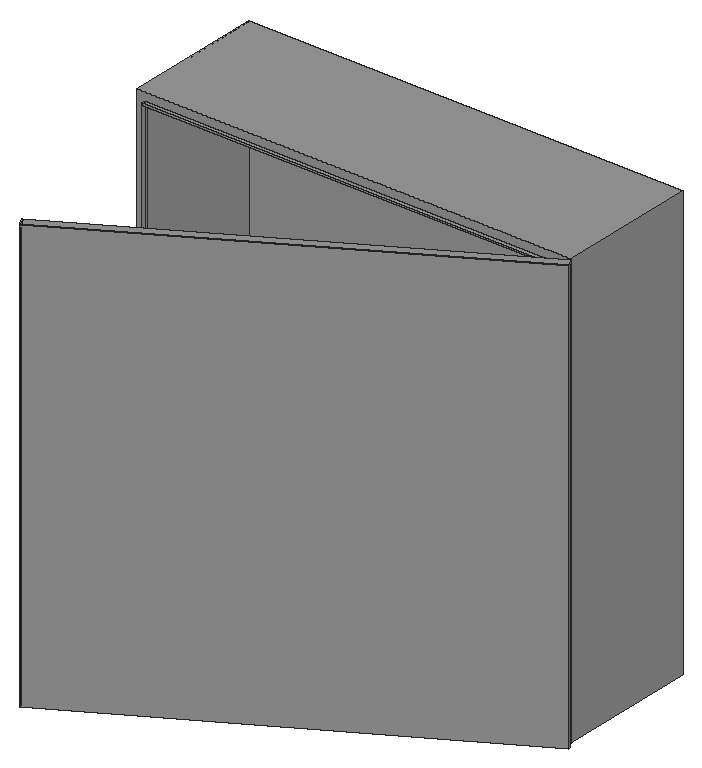
Revit family "Hager-Univers-IP55-D275-H800-Cl.II-Steel_encl-NoHosted-CH-en", category Equipement électrique, Revit 2020
Family settings
  Configuration du panneau = Deux colonnes, circuits au sein
  Cote de connecteur circulaire = Utiliser le diamètre
  Type d'élément = Tableau de raccordement
  Basée sur le plan de construction = Oui
  Toujours verticalement = Oui
  Couper avec des vides une fois chargée = Non
  Partagée = Non
  Point de calcul de pièce = Non
Parameters (values of type "Surface mounted (plaster) IP55 W800 H800 D275  - FR53S")
  Width Control [instance] = if([EF000008 - Width] > Min Width, [EF000008 - Width], Min Width)  # 800 mm
  Commentaires du type = [HG000003 - Range]  # "Univers"
  Thickness Door [instance] = if([EF009171 - Material plate thickness door/cover] > 3 mm, 3 mm, [EF009171 - Material plate thickness door/cover])  # 1.5 mm
  Seal Frame Offset [instance] = 17 mm  # constant formula
  Plinth Visibility [instance] = [HG000027 - Plinth height] > 0 mm  # no
  Min Width [instance] = 100 mm  # constant formula
  Min Depth [instance] = (2 * [EF009170 - Material plate thickness cabinet]) + 1 mm  # 4 mm
  Min Height [instance] = 100 mm  # constant formula
  Internal Frame Depth [instance] = (Door System Depth * 0.5)  # 9 mm
  Panel Name [instance] = ""  # (empty or 0)
  Model = ""
  HG000027 - Plinth height = 0 mm
  HG000026 - Floor standing = no
  HG000024 - Bottom section height = 600 mm
  HG000023 - Double section enclosure = no
  HG000016 - Door 3d visibility [instance] = yes
  HG000015 - Clearance visibility [instance] = no
  HG000014 - Door on the right [instance] = yes
  HG000013 - Door on the left [instance] = not([HG000014 - Door on the right])  # no
  HG000012 - Door swing angle [instance] = 30.00°
  HG000010 - Asymmetric doors = no
  HG000009 - Double swing door = no
  HG000006 - Flush mounted = no
  HG000004 - Manufacturer reference = "FR53S"
  HG000003 - Range = "Univers"
  HG000002 - With door or cover = yes
  Frame Offset Bottom [instance] = 10 mm  # constant formula
  Frame Offset [instance] = 15 mm  # constant formula
  EF015940 - Cover with overpressure release = no
  EF011959 - Degree of protection (NEMA) = ""
  EF009554 - Number of openings for flange plates = 6
  EF009212 - Cover model = "EV000116 - Closed"
  EF009171 - Material plate thickness door/cover = 1.5 mm
  EF009170 - Material plate thickness cabinet = 1.5 mm
  EF008873 - Nominal current (In) = 800 A
  EF007800 - Suitable for lightning protection = no
  EF006306 - With lock = no
  EF006244 - Transparent cover/door = no
  EF005474 - Degree of protection (IP) = "EV006420 - IP55"
  EF004464 - Type of door = "EV002646 - Single"
  EF004427 - Number of modules = 180
  EF004293 - Impact strength = "EV008784 - IK10"
  EF003532 - Suitable for outdoor use = no
  EF002950 - Width in number of modular spacings = 24
  EF001613 - Circuit integrity = "EV000494 - None"
  EF001596 - Material housing = "EV000179 - Steel"
  EF001131 - Internal depth = 275 mm
  EF001088 - Extension possible = yes
  EF000437 - Number of conduit inlets = 6
  EF000339 - Type of cover = "EV004216 - Door"
  EF000266 - Number of rows = 5
  EF000218 - Built-in depth = 0 mm
  EF000118 - With mounting plate = no
  EF000116 - RAL-number = "7035"
  EF000049 - Depth = 275 mm
  EF000040 - Height = 800 mm
  EF000008 - Width = 800 mm
  EF000007 - Colour = "EV000270 - Grey"
  EF000003 - Mounting method = "EV000384 - Surface mounted (plaster)"
  Door System Leaf Tolerance [instance] = 1.5 mm  # constant formula
  Door System Depth [instance] = 18 mm  # constant formula
  Door Height [instance] = Height Control - [HG000027 - Plinth height]  # 800 mm
  Description = ""
  Default Elevation = 1219.2 mm
  Connector Offset [instance] = Height Control / 2  # 400 mm
  Fabricant = "Hager"  # constant formula
  Height Control [instance] = if([EF000040 - Height] > Min Height, [EF000040 - Height], Min Height)  # 800 mm
  Depth Control [instance] = if([EF000049 - Depth] > Min Depth, [EF000049 - Depth], Min Depth)  # 275 mm
  Bottom Top Plate Trim [instance] = 1.5 mm  # constant formula
  Plinth height Ctrl [instance] = if([HG000027 - Plinth height] > 0 mm, [HG000027 - Plinth height], 12 mm)  # 12 mm
Types (5, lengths in mm): name | Width Control | HG000010 - Asymmetric doors | HG000009 - Double swing door | HG000004 - Manufacturer reference | EF009554 - Number of openings for flange plates | EF004464 - Type of door | EF004427 - Number of modules | EF000437 - Number of conduit inlets | EF000008 - Width
  Surface mounted (plaster) IP55 W1050 H800 D275  - FR54S | 1050 | no | yes | "FR54S" | 8 | "EV003602 - Double" | 240 | 8 | 1050
  Surface mounted (plaster) IP55 W1300 H800 D275  - FR55S | 1300 | yes | yes | "FR55S" | 10 | "EV003602 - Double" | 300 | 10 | 1300
  Surface mounted (plaster) IP55 W300 H800 D275  - FR51S | 300 | no | no | "FR51S" | 2 | "EV002646 - Single" | 60 | 2 | 300
  Surface mounted (plaster) IP55 W550 H800 D275  - FR52S | 550 | no | no | "FR52S" | 4 | "EV002646 - Single" | 120 | 4 | 550
  Surface mounted (plaster) IP55 W800 H800 D275  - FR53S | 800 | no | no | "FR53S" | 6 | "EV002646 - Single" | 180 | 6 | 800
Reference planes
  plane 1 "Center (Front/Back)": y = 0
  plane 2: z = 0
  plane 3 "Center (Left/Right)": x = 0
  plane 4: y = 0
  plane 5: y = 0
  plane 6: z = 0
  plane 7: x = -400
  plane 8: x = 400
  plane 9: x = 398.5
  plane 10: x = -398.5
  plane 11: z = 0
  plane 12: z = 1.5
  plane 13: y = -275
  plane 14: y = -1.5
  plane 15: x = 0
  plane 16: y = -257
  plane 17: y = -273.5
  plane 18: y = -255.5
  plane 19: x = -383.5
  plane 20: x = 383.5
  plane 21: z = 11.5
  plane 22: x = -383
  plane 23: x = 383
  plane 24: z = 0
  plane 25: z = 800
  plane 26: z = 800
  plane 27: z = 783.5
  plane 28: z = 798.5
Forms (mm)
  Extrusion 1, solid, material "Hager_Steel_RAL7035_Light_Grey", detail levels medium+fine
    sketch origin (-208.679, -4572, 0) x (-1, 0, 0) y (0, -1, 0)
      loop
        line (191.321, -4315) -> (-608.679, -4315) -> (-608.679, -4572) -> (191.321, -4572) -> (191.321, -4315)
    from 0 to 800
  Extrusion 2, void
    sketch origin (-350.771, -275, 1219.2) x (1, 0, 0) y (0, 0, 1)
      loop
        line (-47.729, -420.7) -> (-47.729, -1217.7) -> (749.271, -1217.7) -> (749.271, -420.7) -> (-47.729, -420.7)
    from -19.5 to -273.5
  Extrusion 3, void
    sketch origin (-290.084, -257, 1219.2) x (1, 0, 0) y (0, 0, 1)
      loop
        line (-93.416, -1207.7) -> (673.584, -1207.7) -> (673.584, -435.7) -> (-93.416, -435.7) -> (-93.416, -1207.7)
    from 0 to -1.5
  Extrusion 4, solid, material "Hager_Steel_RAL7035_Light_Grey", visible <- "Plinth Visibility", detail levels medium+fine
    sketch origin (0, 0, 0) x (1, 0, 0) y (0, 1, 0)
      loop
        line (-400, 0) -> (-400, -257) -> (400, -257) -> (400, 0) -> (-400, 0)
    from 0 to 12 <- "Plinth height Ctrl"
  Extrusion 5, solid, material "Hager_Steel_RAL7035_Light_Grey", detail levels coarse
    sketch origin (0, 0, 0) x (1, 0, 0) y (0, 1, 0)
      loop
        line (-400, 0) -> (-400, -275) -> (400, -275) -> (400, 0) -> (-400, 0)
    from 0 to 800 <- "Height Control"
  Sweep 6, void
    path in 3D
      loop
        line (-400, -257, 12) -> (400, -257, 12) -> (400, 0, 12) -> (-400, 0, 12) -> (-400, -257, 12)
    profile origin (-400, -128.5, 12) x (1, 0, 0) y (0, 0, 1)
      loop
        line (0, 0) -> (0, -1.5) -> (1.5, -1.5)
        arc (1.5, -1.5) -> (1.061, -0.439) -> (0, 0) r 1.5
  Extrusion 7, solid, material "Hager_Steel_RAL7035_Light_Grey", detail levels fine
    sketch origin (-400, -257, 0) x (1, 0, 0) y (0, 0, 1)
      loop
        line (16.5, 11.5) -> (783.5, 11.5) -> (783.5, 783.5) -> (16.5, 783.5) -> (16.5, 11.5)
      loop
        line (15, 10) -> (785, 10) -> (785, 785) -> (15, 785) -> (15, 10)
    from 0 to 9 <- "Internal Frame Depth"
Cuts and joins
  Extrusion 2, Extrusion 3 cuts Extrusion 1
  Sweep 6 cuts Extrusion 4
Lines and regions (mm)
  Masking region 1
    outline origin (0, 0, 0) x (1, 0, 0) y (0, 1, 0)
      loop
        line (-400, 0) -> (-400, -275) -> (400, -275) -> (400, 0) -> (-400, 0)
  Masking region 2, detail levels coarse
    outline origin (-290.084, -257, 1219.2) x (-1, 0, 0) y (0, 0, 1)
      loop
        line (-690.084, -1219.2) -> (109.916, -1219.2) -> (109.916, -419.2) -> (-690.084, -419.2) -> (-690.084, -1219.2)
  Masking region 3, detail levels coarse
    outline origin (0, 0, 0) x (0, 1, 0) y (0, 0, 1)
      loop
        line (0, 0) -> (0, 800) -> (-275, 800) -> (-275, 0) -> (0, 0)
  Masking region 4, visible <- "Plinth Visibility", detail levels medium+fine
    outline origin (0, 0, 0) x (0, 1, 0) y (0, 0, 1)
      loop
        line (-1.5, 12) -> (-255.5, 12)
        arc (-255.5, 12) -> (-255.939, 10.939) -> (-257, 10.5) r 1.5
        line (-257, 10.5) -> (-257, 0) -> (0, 0) -> (0, 10.5)
        arc (0, 10.5) -> (-1.061, 10.939) -> (-1.5, 12) r 1.5
  Masking region 5, detail levels medium+fine
    outline origin (0, 0, 594.038) x (0, 1, 0) y (0, 0, 1)
      loop
        line (0, -594.038) -> (0, 205.962) -> (-257, 205.962) -> (-257, -594.038) -> (0, -594.038)
  Masking region 6, detail levels medium+fine
    outline origin (-359.7, -257, 1211.883) x (-1, 0, 0) y (0, 0, 1)
      loop
        line (-759.7, -1211.883) -> (40.3, -1211.883) -> (40.3, -411.883) -> (-759.7, -411.883) -> (-759.7, -1211.883)
  Masking region 7, visible <- "Plinth Visibility", detail levels medium+fine
    outline origin (-320.334, -257, 1041.368) x (-1, 0, 0) y (0, 0, 1)
      loop
        line (-720.334, -1041.368) -> (79.666, -1041.368) -> (79.666, -1030.868)
        arc (79.666, -1030.868) -> (78.606, -1030.429) -> (78.166, -1029.368) r 1.5
        line (78.166, -1029.368) -> (-718.834, -1029.368)
        arc (-718.834, -1029.368) -> (-719.273, -1030.429) -> (-720.334, -1030.868) r 1.5
        line (-720.334, -1030.868) -> (-720.334, -1041.368)
  sketch lines
    curve 1: line (-400, 0, 12) -> (-400, -257, 12)
    curve 2: line (-400, -257, 12) -> (400, -257, 12)
    curve 3: line (400, 0, 12) -> (-400, 0, 12)
    curve 4: line (400, -257, 12) -> (400, 0, 12)
Dimensions and locks
  locked: plane 1 "Center (Front/Back)" to plane 5
  "EF009170 - Material plate thickness cabinet": plane 7 to plane 10
  "EF009170 - Material plate thickness cabinet": plane 8 to plane 9
  equal spacing: plane 7, plane 3 "Center (Left/Right)", plane 8
  "Width Control": plane 7 to plane 8
  "Depth Control": plane 4 to plane 13
  "EF009170 - Material plate thickness cabinet": plane 4 to plane 14
  "Height Control": plane 25 to level
  "HG000027 - Plinth height": plane 11 to level
  "EF009170 - Material plate thickness cabinet": plane 12 to plane 11
  "EF009170 - Material plate thickness cabinet": plane 17 to plane 13
  "EF009170 - Material plate thickness cabinet": plane 18 to plane 16
  "Frame Offset Bottom": plane 21 to plane 12
  "Frame Offset": plane 10 to plane 19
  "Frame Offset": plane 9 to plane 20
  "Door System Depth": plane 16 to plane 13
  "Seal Frame Offset": plane 7 to plane 22
  "Seal Frame Offset": plane 8 to plane 23
  "EF009170 - Material plate thickness cabinet": plane 26 to plane 28
  "Frame Offset": plane 28 to plane 27
  "Connector Offset": plane 2 to connector elem
  "Bottom Top Plate Trim": profile plane to Sweep 6 sketch curve
  "Bottom Top Plate Trim": Sweep 6 sketch curve to Sweep 6 sketch curve
  "Plinth height Ctrl": Masking region 4 sketch curve to level
  "Plinth height Ctrl": Masking region 7 sketch curve to level
  "Thickness Door": Extrusion 7 sketch curve to Extrusion 7 sketch curve  (x4)
  "Bottom Top Plate Trim": radius of Sweep 6 sketch curve
  "Bottom Top Plate Trim": radius of Masking region 4 sketch curve  (x2)
  "Bottom Top Plate Trim": radius of Masking region 7 sketch curve  (x2)
  aligned and locked: Extrusion 2 sketch curve to plane 12
  aligned and locked: Extrusion 2 sketch curve to plane 9
  aligned and locked: Extrusion 2 sketch curve to plane 10
  aligned and locked: Extrusion 2 to plane 14
  aligned and locked: Extrusion 1 sketch curve to plane 4
  aligned and locked: plane 8 to Extrusion 1 sketch curve
  aligned and locked: plane 7 to Extrusion 1 sketch curve
  aligned and locked: Extrusion 2 to plane 18
  aligned and locked: Extrusion 3 sketch curve to plane 19
  aligned and locked: plane 20 to Extrusion 3 sketch curve
  aligned and locked: Extrusion 3 to Extrusion 2
  aligned and locked: Extrusion 3 sketch curve to plane 21
  aligned and locked: plane 3 "Center (Left/Right)" to nested 1
  aligned and locked: Extrusion 1 sketch curve to plane 16
  aligned and locked: Extrusion 4 sketch curve to cut or joined group of Extrusion 1, Extrusion 2, Extrusion 3
  aligned and locked: Masking region 1 sketch curve to plane 7
  aligned and locked: Masking region 1 sketch curve to plane 5
  aligned and locked: Masking region 1 sketch curve to plane 8
  aligned and locked: Masking region 2 sketch curve to level
  aligned and locked: level to Masking region 3 sketch curve
  aligned and locked: plane 1 "Center (Front/Back)" to Masking region 3 sketch curve
  aligned and locked: plane 13 to Masking region 3 sketch curve
  aligned and locked: plane 5 to Masking region 4 sketch curve
  aligned and locked: Masking region 2 sketch curve to plane 8
  aligned and locked: Masking region 2 sketch curve to plane 7
  aligned and locked: plane 7 to nested 2
  aligned and locked: nested 2 to plane 5
  aligned and locked: plane 5 to Masking region 5 sketch curve
  aligned and locked: plane 26 to Masking region 5 sketch curve
  aligned and locked: Extrusion 5 sketch curve to plane 8
  aligned and locked: Extrusion 5 sketch curve to plane 7
  aligned and locked: Extrusion 5 sketch curve to plane 5
  aligned and locked: Extrusion 3 sketch curve to plane 27
  aligned and locked: Extrusion 2 sketch curve to plane 28
  aligned and locked: Masking region 2 to plane 25
  aligned and locked: Extrusion 4 to plane 16
  aligned and locked: profile plane to Sweep 6 sketch curve
  aligned and locked: Masking region 5 sketch curve to plane 24
  aligned and locked: level to Masking region 4 sketch curve
  aligned and locked: Masking region 1 to plane 13
  aligned and locked: nested 1 to plane 16
  aligned and locked: Masking region 3 to plane 25
  aligned and locked: plane 16 to Masking region 4 sketch curve
  aligned and locked: Masking region 5 sketch curve to plane 16
  aligned and locked: plane 24 to plane 11
  aligned and locked: plane 26 to plane 25
  aligned and locked: plane 26 to cut or joined group of Extrusion 1, Extrusion 2, Extrusion 3
  aligned and locked: nested 1 to plane 24
  aligned and locked: Extrusion 1 to Extrusion 3
  aligned and locked: Masking region 6 sketch curve to plane 8
  aligned and locked: Masking region 6 sketch curve to plane 24
  aligned and locked: Masking region 6 sketch curve to plane 7
  aligned and locked: Masking region 6 sketch curve to plane 26
  aligned and locked: Masking region 7 sketch curve to plane 7
  aligned and locked: level to Masking region 7 sketch curve
  aligned and locked: Masking region 7 sketch curve to plane 8
  aligned and locked: Extrusion 7 sketch curve to cut or joined group of Extrusion 1, Extrusion 2, Extrusion 3  (x4)
Automatic sketch dimensions
  plane 19 to Extrusion 3 sketch curve = 0 mm
  Extrusion 3 sketch curve to plane 20 = 0 mm
  Extrusion 3 sketch curve to plane 21 = 0 mm
  Extrusion 4 sketch curve to plane 7 = 0 mm
  Extrusion 4 sketch curve to plane 8 = 0 mm
  Extrusion 4 sketch curve to plane 16 = 0 mm
  Masking region 1 sketch curve to plane 13 = 0 mm
  Masking region 2 sketch curve to plane 25 = 0 mm
  Masking region 3 sketch curve to plane 25 = 0 mm
  Extrusion 5 sketch curve to plane 13 = 0 mm
  profile plane to Sweep 6 sketch curve = 0 mm
Nested families
  nested 1: "EC000058_Univers_Door" at (0, -257, 0), Double <- "HG000009 - Double swing door", Transparent <- "EF006244 - Transparent cover/door", Angle <- "HG000012 - Door swing angle", Door_Right <- "HG000014 - Door on the right", Assymetrical <- "HG000010 - Asymmetric doors", Door <- "HG000002 - With door or cover", Width_Ctrl <- "Width Control", 3d_Door <- "HG000016 - Door 3d visibility", Clearance <- "HG000015 - Clearance visibility", Door_Left <- "HG000013 - Door on the left", Width <- "Width Control", Door_Depth <- "Door System Depth", Leaf_Tolerance <- "Door System Leaf Tolerance", Height <- "Door Height", Lock_Visibility <- "EF006306 - With lock", Thickness <- "Thickness Door", type "EC000058_Univers_Door", detail levels medium+fine
    with min_wh 4 mm, Width_Ctrl 800 mm, Width 800 mm, Transparent no, Thickness 1.5 mm, Seal_Material Hager_Rubber, Lock_Visibility no, Lock_Material Hager_Plastic_RAL9005_Jet_Black, Leaf_Width 800 mm, Leaf_Tolerance_External_Sides 0 mm, Leaf_Tolerance 1.5 mm, Leaf_Offset 0 mm, Leaf_Height 797 mm, Leaf_2_Width 800 mm, Leaf_2_Offset 400 mm, Leaf_1_Width 800 mm, Leaf_1_Offset 400 mm, Height_Ctrl 800 mm, Height 800 mm, Glass_Material Hager_Glass, Double_Clearance_Ctrl no, Double no, Door_Right_Ctrl yes, Door_Right yes, Door_Material Hager_Steel_RAL7035_Light_Grey, Door_Left_Ctrl no, Door_Left no, Door_Depth 18 mm, Door yes, Clearance_Material Hager_Clearance, Clearance_Depth 800 mm, Clearance_Ctrl no, Clearance no, Assymetrical no, Angle 30.00°, 3d_Door yes
  nested 2: "Hager_Enclosure_Symbol" at (-400, 0, 0), Height <- "Depth Control", Width <- "Width Control", type "Hager_Enclosure_Symbol"
    with Width_Ctrl 800 mm, Width 800 mm, Height_Ctrl 275 mm, Height 275 mm, A_Width_Int 18.047 mm, A_Width 216.562 mm, A_Height_Ctrl 240.625 mm, A_Height 240.625 mm
Connectors
  electrical at (0, 0, 400)
    settings: on plane 1 "Center (Front/Back)", index 1, voltage 0 V, apparent load 0 VA, apparent load phase1 0 VA, apparent load phase2 0 VA, apparent load phase3 0 VA, power factor 1, load classification "Other", number of poles 1, system type 30, power factor state 1, is connector primary yes, connector utility no, sub classification motor no, connector description ""
Definition of nested family "EC000058_Univers_Door"
  Parameters (values of type "EC000058_Univers_Door")
    min_wh [instance] = (2 * Thickness) + 1 mm  # 11 mm
    Width_Ctrl [instance] = 400 mm
    Width [instance] = 500 mm
    Transparent [instance] = yes
    Thickness [instance] = 5 mm
    Seal_Material [instance] = none
    Lock_Visibility [instance] = yes
    Lock_Material [instance] = none
    Leaf_Width [instance] = if((Width_Ctrl - 2 * Leaf_Tolerance_External_Sides) > 0 mm, (Width_Ctrl - 2 * Leaf_Tolerance_External_Sides), min_wh)  # 400 mm
    Leaf_Tolerance_External_Sides [instance] = 0 mm  # constant formula
    Leaf_Tolerance [instance] = 1.5 mm
    Leaf_Offset [instance] = 0 mm  # constant formula
    Leaf_Height [instance] = if((Height_Ctrl - 2 * Leaf_Tolerance) > 0 mm, (Height_Ctrl - 2 * Leaf_Tolerance), min_wh)  # 497 mm
    Leaf_2_Width [instance] = if(and(and(Double, Assymetrical), Door_Left), (Leaf_Width / 3) - (Leaf_Tolerance / 2), if(and(and(Double, Assymetrical), Door_Right), (Leaf_Width / 3) * 2 - (Leaf_Tolerance / 2), if(and(Double, not(Assymetrical)), (Leaf_Width / 2) - Leaf_Tolerance, Leaf_Width)))  # 400 mm
    Leaf_2_Offset [instance] = if(and(Double, Assymetrical), Leaf_2_Width / 2, if(and(Double, not(Assymetrical)), Leaf_Width / 4, Leaf_Width / 2))  # 200 mm
    Leaf_1_Width [instance] = if(and(and(Double, Assymetrical), Door_Right), (Leaf_Width / 3) - (Leaf_Tolerance / 2), if(and(and(Double, Assymetrical), Door_Left), (Width / 3) * 2 - (Leaf_Tolerance / 2), if(and(Double, not(Assymetrical)), (Leaf_Width / 2) - Leaf_Tolerance, Leaf_Width)))  # 400 mm
    Leaf_1_Offset [instance] = if(and(Double, Assymetrical), Leaf_1_Width / 2, if(and(Double, not(Assymetrical)), Leaf_Width / 4, Leaf_Width / 2))  # 200 mm
    Height_Ctrl [instance] = if(Height > min_wh, Height, min_wh)  # 500 mm
    Height [instance] = 500 mm
    Glass_Material [instance] = none
    Double_Clearance_Ctrl [instance] = and(Double, Clearance)  # no
    Double [instance] = no
    Door_Right_Ctrl [instance] = and(or(Door_Right, Double), Door)  # yes
    Door_Right [instance] = yes
    Door_Material [instance] = none
    Door_Left_Ctrl [instance] = and(or(Door_Left, Double), Door)  # no
    Door_Left [instance] = no
    Door_Depth [instance] = 30 mm
    Door [instance] = yes
    Default Elevation = 1219.2 mm
    Clearance_Material [instance] = none
    Clearance_Depth [instance] = if(Leaf_1_Width > Leaf_2_Width, Leaf_1_Width, Leaf_2_Width)  # 400 mm
    Clearance_Ctrl [instance] = and(not(Double), Clearance)  # yes
    Clearance [instance] = yes
    Assymetrical [instance] = yes
    Angle [instance] = 30.00°
    3d_Door [instance] = yes
  Reference planes
    plane 1 "Center (Front/Back)": y = 0
    plane 2 "Bottom": z = 0
    plane 3 "Center (Left/Right)": x = 0
    plane 4: z = 500
    plane 5: x = -200
    plane 6: x = 200
    plane 7: z = 500
    plane 8: x = -200
    plane 9: z = 0
    plane 10: x = 200
    plane 11: y = 0
    plane 12: z = 1.5
    plane 13: x = -600
    plane 14: y = -400
    plane 15: x = 600
    plane 16: x = 0
    plane 17: x = 0
    plane 18: x = -200
    plane 19: x = 200
    plane 20: z = 498.5
  Forms (mm)
    Extrusion 1, solid, material <- "Clearance_Material", visible <- "Double_Clearance_Ctrl"
      sketch origin (1200, 0, 0) x (1, 0, 0) y (0, 0, -1)
        loop
          line (-1800, -498.5) -> (-600, -498.5) -> (-600, 0) -> (-1800, 0) -> (-1800, -498.5)
      from 0 to -400
  Dimensions and locks
    equal spacing: plane 5, plane 3 "Center (Left/Right)", plane 6
    "Width_Ctrl": plane 5 to plane 6
    "Leaf_Offset": plane 5 to plane 8
    "Leaf_Offset": plane 6 to plane 10
    "Leaf_Offset": plane 9 to level
    "Leaf_Offset": plane 4 to plane 7
    "Height_Ctrl": plane 4 to level
    "Leaf_Tolerance": plane 12 to plane 9
    locked: plane 11 to plane 1 "Center (Front/Back)"
    "Leaf_1_Offset": plane 18 to plane 16
    "Leaf_2_Offset": plane 17 to plane 19
    "Leaf_1_Width": plane 13 to plane 8
    "Leaf_2_Width": plane 10 to plane 15
    "Clearance_Depth": plane 14 to plane 1 "Center (Front/Back)"
    "Leaf_Tolerance_External_Sides": plane 8 to plane 18
    "Leaf_Tolerance_External_Sides": plane 19 to plane 10
    "Leaf_Tolerance": plane 7 to plane 20
    aligned and locked: level to plane 2 "Bottom"
    aligned and locked: nested 1 to plane 16
    aligned and locked: nested 2 to plane 17
    aligned and locked: Extrusion 1 to plane 13
    aligned and locked: plane 15 to Extrusion 1
    aligned and locked: Extrusion 1 to plane 14
    aligned and locked: plane 12 to nested 1
    aligned and locked: nested 2 to plane 12
    aligned and locked: Extrusion 1 to plane 11
    aligned and locked: plane 20 to Extrusion 1
    aligned and locked: nested 2 to plane 11
    aligned and locked: nested 1 to plane 11
  Automatic sketch dimensions
    Extrusion 1 sketch curve to level = 0 mm
    plane 5 to Extrusion 1 sketch curve = 400 mm
    plane 6 to Extrusion 1 sketch curve = 400 mm
    Extrusion 1 sketch curve to plane 4 = 1.5 mm
  Nested families
    nested 1: "EC000058_Univers_Door_Leaf" at (0, 0, 1.5), Width <- "Leaf_1_Width", visible <- "Door_Left_Ctrl", Leaf_Height <- "Leaf_Height", Angle <- "Angle", 3d_Door <- "3d_Door", Transparent <- "Transparent", Clearance Material <- "Clearance_Material", Clearance <- "Clearance_Ctrl", Door_Material <- "Door_Material", Glass_Material <- "Glass_Material", Door_Depth <- "Door_Depth", Lock_Material <- "Lock_Material", Seal_Material <- "Seal_Material", Lock_Visibility <- "Lock_Visibility", Thickness <- "Thickness", type "EC000058_Univers_Door_Leaf"
      with Width 400 mm, Transparent_Glass_Offset 30 mm, Transparent_Ctrl yes, Transparent yes, Thickness 5 mm, Standard no, Seal_Material none, Seal_D2 8 mm, Seal_D1 1 mm, Offset_Internal_Frame 10 mm, Lock_Width 20 mm, Lock_Visibility_3d yes, Lock_Visibility yes, Lock_Thickness_3 3 mm, Lock_Thickness_2 1 mm, Lock_Thickness_1 3 mm, Lock_Radius_Offset_2 16 mm, Lock_Radius_Offset_1 15 mm, Lock_Radius_2 5 mm, Lock_Radius 6 mm, Lock_Offset 5 mm, Lock_Material none, Lock_Height 80 mm, Lock_Cover_Top_Offset_2d 17 mm, Lock_Cover_Height -65 mm, Leaf_Height 497 mm, Internal_Seal_Thickness 8 mm, Internal_Seal_Depth_2 4.5 mm, Internal_Frame_Depth 25 mm, Glass_Thickness -1 mm, Glass_Offset -2 mm, Glass_Material none, Door_Material none, Door_Depth 30 mm, Clearance Material none, Clearance yes, Angle_Ctrl 30.00°, Angle 30.00°, 3d_Door yes
    nested 2: "EC000058_Univers_Door_Leaf" at (0, 0, 1.5) x (-1, 0, 0) z (0, 0, 1), Width <- "Leaf_2_Width", visible <- "Door_Right_Ctrl", Leaf_Height <- "Leaf_Height", Angle <- "Angle", 3d_Door <- "3d_Door", Transparent <- "Transparent", Clearance Material <- "Clearance_Material", Clearance <- "Clearance_Ctrl", Door_Material <- "Door_Material", Glass_Material <- "Glass_Material", Door_Depth <- "Door_Depth", Lock_Material <- "Lock_Material", Seal_Material <- "Seal_Material", Lock_Visibility <- "Lock_Visibility", Thickness <- "Thickness", type "EC000058_Univers_Door_Leaf"
      with Width 400 mm, Transparent_Glass_Offset 30 mm, Transparent_Ctrl yes, Transparent yes, Thickness 5 mm, Standard no, Seal_Material none, Seal_D2 8 mm, Seal_D1 1 mm, Offset_Internal_Frame 10 mm, Lock_Width 20 mm, Lock_Visibility_3d yes, Lock_Visibility yes, Lock_Thickness_3 3 mm, Lock_Thickness_2 1 mm, Lock_Thickness_1 3 mm, Lock_Radius_Offset_2 16 mm, Lock_Radius_Offset_1 15 mm, Lock_Radius_2 5 mm, Lock_Radius 6 mm, Lock_Offset 5 mm, Lock_Material none, Lock_Height 80 mm, Lock_Cover_Top_Offset_2d 17 mm, Lock_Cover_Height -65 mm, Leaf_Height 497 mm, Internal_Seal_Thickness 8 mm, Internal_Seal_Depth_2 4.5 mm, Internal_Frame_Depth 25 mm, Glass_Thickness -1 mm, Glass_Offset -2 mm, Glass_Material none, Door_Material none, Door_Depth 30 mm, Clearance Material none, Clearance yes, Angle_Ctrl 30.00°, Angle 30.00°, 3d_Door yes
  Definition of nested family "EC000058_Univers_Door_Leaf"
    Parameters (values of type "EC000058_Univers_Door_Leaf")
      Width [instance] = 2000 mm
      Transparent_Glass_Offset [instance] = 30 mm
      Transparent_Ctrl [instance] = and(Transparent, [3d_Door])  # yes
      Transparent [instance] = yes
      Thickness [instance] = 5 mm
      Standard [instance] = and(not(Transparent), [3d_Door])  # no
      Seal_Material [instance] = none
      Seal_D2 [instance] = 8 mm  # constant formula
      Seal_D1 [instance] = 1 mm  # constant formula
      Offset_Internal_Frame [instance] = 10 mm  # constant formula
      Lock_Width [instance] = 20 mm  # constant formula
      Lock_Visibility_3d [instance] = and(Lock_Visibility, [3d_Door])  # yes
      Lock_Visibility [instance] = yes
      Lock_Thickness_3 [instance] = 3 mm  # constant formula
      Lock_Thickness_2 [instance] = 1 mm  # constant formula
      Lock_Thickness_1 [instance] = 3 mm  # constant formula
      Lock_Radius_Offset_2 [instance] = Lock_Radius_Offset_1 + 1 mm  # 16 mm
      Lock_Radius_Offset_1 [instance] = 15 mm  # constant formula
      Lock_Radius_2 [instance] = Lock_Radius - 1 mm  # 5 mm
      Lock_Radius [instance] = 6 mm  # constant formula
      Lock_Offset [instance] = 5 mm  # constant formula
      Lock_Material [instance] = none
      Lock_Height [instance] = 80 mm  # constant formula
      Lock_Cover_Top_Offset_2d [instance] = Lock_Radius_Offset_2 + 1 mm  # 17 mm
      Lock_Cover_Height [instance] = -(Lock_Height - Lock_Radius_Offset_1)  # -65 mm
      Leaf_Height [instance] = 2720.336 mm
      Internal_Seal_Thickness [instance] = 8 mm  # constant formula
      Internal_Seal_Depth_2 [instance] = 4.5 mm  # constant formula
      Internal_Frame_Depth [instance] = if(Door_Depth - Thickness > 5 mm, Door_Depth - Thickness, 5 mm)  # 25 mm
      Glass_Thickness [instance] = if(Thickness > 15 mm, Glass_Offset + 10 mm, -1 mm)  # -1 mm
      Glass_Offset [instance] = if(Thickness > 15 mm, -(Thickness + 10 mm) / 2, -2 mm)  # -2 mm
      Glass_Material [instance] = none
      Door_Material [instance] = none
      Door_Depth [instance] = 30 mm
      Default Elevation = 0 mm
      Clearance Material [instance] = none
      Clearance [instance] = yes
      Angle_Ctrl [instance] = if(Angle > 180.00°, 180.00°, Angle)  # 90.00°
      Angle [instance] = 90.00°
      3d_Door [instance] = yes
    Reference planes
      plane 1 "Center (Front/Back)": y = 0
      plane 2: z = 0
      plane 3 "Center (Left/Right)": x = 0
      plane 4: y = 2000
      plane 5: x = -1000
      plane 6: x = 1000
      plane 7: x = -3000
      plane 8: z = 2720.336
      plane 9: z = 30
      plane 10: z = 2690.336
      plane 11: x = 970
      plane 12: x = -970
      plane 13: y = -3
      plane 14: z = 107.833
      plane 15: y = -5
      plane 16: y = -223.314
      plane 17: x = -1000
      plane 18: z = 1360.168
      plane 19: y = 30
    Forms (mm)
      Extrusion 1, solid, material <- "Clearance Material", visible <- "Clearance"
        sketch origin (0, 0, 0) x (1, 0, 0) y (0, 0, 1)
          loop
            line (-3000, 2720.336) -> (-3000, 0) -> (1000, 0) -> (1000, 2720.336) -> (-3000, 2720.336)
        from 0 to -2000
      Extrusion 2, solid, material <- "Door_Material", visible <- "Standard", detail levels medium+fine
        sketch origin (-1000, 0, 0) x (0, 1, 0) y (-1, 0, 0)
          loop
            line (0, 30) -> (0, 25) -> (2000, 25) -> (2000, 30) -> (0, 30)
        from 0 to 2720.336 <- "Leaf_Height"
      Extrusion 3, solid, material <- "Door_Material", visible <- "Transparent_Ctrl", detail levels medium+fine
        sketch origin (-1000, 0, 0) x (0, 1, 0) y (-1, 0, 0)
          loop
            line (0, 25) -> (2000, 25) -> (2000, 30) -> (0, 30) -> (0, 25)
        from 0 to 2720.336 <- "Leaf_Height"
      Extrusion 4, void
        sketch origin (-1025, 2000, 0) x (0, 1, 0) y (0, 0, -1)
          loop
            line (-30, -2690.336) -> (-30, -30) -> (-1970, -30) -> (-1970, -2690.336) -> (-30, -2690.336)
        from 0 to 5 <- "Thickness"
      Sweep 5, solid, material <- "Seal_Material", visible <- "Transparent_Ctrl", detail levels fine
        path in 3D
          loop
            line (-1025, 30, 30) -> (-1025, 30, 2690.336) -> (-1025, 1970, 2690.336) -> (-1025, 1970, 30) -> (-1025, 30, 30)
        profile origin (-1025, 1000, 30) x (1, 0, 0) y (0, 0, 1)
          loop
            line (0, 0) -> (0, -8) -> (1, -8) -> (1, 0) -> (0, 0)
      Extrusion 6, solid, material <- "Glass_Material", visible <- "Transparent_Ctrl", detail levels medium+fine
        sketch origin (-1030, 0, 0) x (0, 1, 0) y (0, 0, -1)
          loop
            line (1970, -2690.336) -> (1970, -30) -> (30, -30) -> (30, -2690.336) -> (1970, -2690.336)
        from -2 <- "Glass_Offset" to -1 <- "Glass_Thickness"
      Extrusion 7, solid, material <- "Door_Material", visible <- "3d_Door", detail levels medium+fine
        sketch origin (-1025, 2000, 0) x (0, -1, 0) y (0, 0, -1)
          loop
            line (0, -2720.336) -> (2000, -2720.336) -> (2000, 0) -> (0, 0) -> (0, -2720.336)
          loop
            line (1995, -5) -> (5, -5) -> (5, -2715.336) -> (1995, -2715.336) -> (1995, -5)
        from 0 to 25 <- "Internal_Frame_Depth"
      Sweep 8, solid, material <- "Seal_Material", visible <- "Transparent_Ctrl", detail levels fine
        path in 3D
          loop
            line (-1025, 0, 0) -> (-1025, 2000, 0) -> (-1025, 2000, 2720.336) -> (-1025, 0, 2720.336) -> (-1025, 0, 0)
        profile origin (-1025, 0, 1360.168) x (1, 0, 0) y (0, 1, 0)
          loop
            line (0, 10) -> (2.975, 10)
            arc (2.975, 10) -> (4.053, 10.447) -> (4.5, 11.525) r 1.525
            line (4.5, 11.525) -> (4.5, 16.527)
            arc (4.5, 16.527) -> (4.069, 17.569) -> (3.027, 18) r 1.473
            line (3.027, 18) -> (0, 18) -> (0, 10)
      Extrusion 9, solid, material <- "Lock_Material", visible <- "Lock_Visibility_3d", detail levels fine
        sketch origin (-1030, 0, 0) x (0, 1, 0) y (0, 0, -1)
          loop
            arc (1993.5, -1400.168) -> (1994.561, -1399.729) -> (1995, -1398.668) r 1.5
            line (1995, -1398.668) -> (1995, -1320.168) -> (1975, -1320.168) -> (1975, -1398.668)
            arc (1975, -1398.668) -> (1975.439, -1399.729) -> (1976.5, -1400.168) r 1.5
            line (1976.5, -1400.168) -> (1993.5, -1400.168)
        from 3 <- "Lock_Thickness_1" to 0
      Blend 10, solid, material <- "Lock_Material", visible <- "Lock_Visibility_3d", detail levels fine
        base sketch origin (-1033, 0, 0) x (0, 1, 0) y (0, 0, -1)
          loop
            line (1975, -1320.168) -> (1975, -1398.668)
            arc (1975, -1398.668) -> (1975.439, -1399.729) -> (1976.5, -1400.168) r 1.5
            line (1976.5, -1400.168) -> (1993.5, -1400.168)
            arc (1993.5, -1400.168) -> (1994.561, -1399.729) -> (1995, -1398.668) r 1.5
            line (1995, -1398.668) -> (1995, -1320.168) -> (1975, -1320.168)
        top sketch origin (-1033, 0, 0) x (0, 1, 0) y (0, 0, -1)
          loop
            line (1976, -1320.168) -> (1976, -1398.668)
            arc (1976, -1398.668) -> (1976.146, -1399.022) -> (1976.5, -1399.168) r 0.5
            line (1976.5, -1399.168) -> (1993.5, -1399.168)
            arc (1993.5, -1399.168) -> (1993.854, -1399.022) -> (1994, -1398.668) r 0.5
            line (1994, -1398.668) -> (1994, -1320.168) -> (1976, -1320.168)
        from 0 to 1 <- "Lock_Thickness_2"
      Blend 11, solid, material <- "Lock_Material", visible <- "Lock_Visibility_3d", detail levels fine
        base sketch origin (-1034, 0, 0) x (0, 1, 0) y (0, 0, -1)
          loop
            line (1978, -1320.168) -> (1978, -1384.168)
            arc (1978, -1384.168) -> (1985, -1391.168) -> (1992, -1384.168) r 7
            line (1992, -1384.168) -> (1992, -1320.168) -> (1978, -1320.168)
        top sketch origin (-1034, 0, 0) x (0, 1, 0) y (0, 0, -1)
          loop
            line (1991, -1320.168) -> (1979, -1320.168) -> (1979, -1383.168)
            arc (1979, -1383.168) -> (1985, -1389.168) -> (1991, -1383.168) r 6
            line (1991, -1383.168) -> (1991, -1320.168)
        from 0 to 3 <- "Lock_Thickness_3"
      Extrusion 12, solid, material <- "Lock_Material", visible <- "Lock_Visibility_3d", detail levels fine
        sketch origin (-1030, 1975, 1320.168) x (1, 0, 0) y (0, -1, 0)
          loop
            line (-7, -19) -> (-7, -1) -> (0, -1) -> (0, 0) -> (-8, 0) -> (-8, -20) -> (0, -20) -> (0, -19) -> (-7, -19)
        from 0 to -65 <- "Lock_Cover_Height"
      Extrusion 13, void
        sketch origin (-1038, 1995, 1320.168) x (-1, 0, 0) y (0, 0, -1)
          loop
            line (-5, -65) -> (0, -65) -> (-5, -60) -> (-5, -65)
        from 0 to 20 <- "Lock_Width"
      Extrusion 14, void
        sketch origin (-1038, 1975, 1320.168) x (0, -1, 0) y (0, 0, -1)
          loop
            circle (-10, -15.995) r 6
          loop
            circle (-10, -15.995) r 5
        from 0 to 2
      Extrusion 15, solid, material <- "Lock_Material", visible <- "Lock_Visibility_3d", detail levels medium
        sketch origin (-1030, 0, 0) x (0, 1, 0) y (0, 0, -1)
          loop
            arc (1993.5, -1400.168) -> (1994.561, -1399.729) -> (1995, -1398.668) r 1.5
            line (1995, -1398.668) -> (1995, -1320.168) -> (1975, -1320.168) -> (1975, -1398.668)
            arc (1975, -1398.668) -> (1975.439, -1399.729) -> (1976.5, -1400.168) r 1.5
            line (1976.5, -1400.168) -> (1993.5, -1400.168)
        from 8 to 0
    Cuts and joins
      Extrusion 4 cuts Extrusion 3
      Extrusion 13, Extrusion 14 cuts Extrusion 9
      Extrusion 14 cuts Blend 11
      Extrusion 13, Extrusion 14 cuts Extrusion 12
      joined: Extrusion 9, Blend 10, Blend 11, Extrusion 12
      Extrusion 14 cuts Extrusion 15
    Lines and regions (mm)
      Masking region 1, visible <- "Lock_Visibility", detail levels fine
        outline origin (0, 0, 0) x (0, 1, 0) y (0, 0, 1)
          loop
            line (30, 1320.168) -> (33, 1320.168) -> (33, 1400.168) -> (30, 1400.168) -> (30, 1320.168)
      Masking region 2, visible <- "Lock_Visibility", detail levels fine
        outline origin (0, 3.143, 0) x (0, 1, 0) y (0, 0, 1)
          loop
            line (29.857, 1354.168) -> (30.857, 1354.168) -> (30.857, 1366.168) -> (29.857, 1366.168) -> (29.857, 1354.168)
      Masking region 3, detail levels medium+fine
        outline origin (0, 0, 0) x (0, 1, 0) y (0, 0, 1)
          loop
            line (0, 0) -> (30, 0) -> (30, 2720.336) -> (0, 2720.336) -> (0, 0)
      Masking region 4, detail levels medium+fine
        outline origin (0, 0, 0) x (1, 0, 0) y (0, 0, 1)
          loop
            line (-1000, 2720.336) -> (-1000, 0) -> (1000, 0) -> (1000, 2720.336) -> (-1000, 2720.336)
      Masking region 5, visible <- "Lock_Visibility", detail levels fine
        outline origin (-47.116, 0, 0) x (1, 0, 0) y (0, 0, 1)
          loop
            arc (1024.616, 1399.168) -> (1023.556, 1398.729) -> (1023.116, 1397.668) r 1.5
            line (1023.116, 1397.668) -> (1023.116, 1320.168) -> (1041.116, 1320.168) -> (1041.116, 1397.668)
            arc (1041.116, 1397.668) -> (1040.677, 1398.729) -> (1039.616, 1399.168) r 1.5
            line (1039.616, 1399.168) -> (1024.616, 1399.168)
      Masking region 6, visible <- "Lock_Visibility", detail levels medium+fine
        outline origin (-25, 0, 0) x (1, 0, 0) y (0, 0, 1)
          loop
            arc (1001.5, 1400.168) -> (1000.439, 1399.729) -> (1000, 1398.668) r 1.5
            line (1000, 1398.668) -> (1000, 1320.168) -> (1020, 1320.168) -> (1020, 1398.668)
            arc (1020, 1398.668) -> (1019.561, 1399.729) -> (1018.5, 1400.168) r 1.5
            line (1018.5, 1400.168) -> (1001.5, 1400.168)
      Masking region 7, visible <- "Lock_Visibility", detail levels fine
        outline origin (-73.735, 0, 0) x (1, 0, 0) y (0, 0, 1)
          loop
            line (1051.735, 1382.168) -> (1065.735, 1382.168) -> (1065.735, 1384.168)
            arc (1065.735, 1384.168) -> (1058.735, 1391.168) -> (1051.735, 1384.168) r 7
            line (1051.735, 1384.168) -> (1051.735, 1382.168)
      Masking region 8, visible <- "Lock_Visibility", detail levels fine
        outline origin (-73.735, 0, 0) x (1, 0, 0) y (0, 0, 1)
          loop
            line (1052.735, 1382.168) -> (1064.735, 1382.168) -> (1064.735, 1383.168)
            arc (1064.735, 1383.168) -> (1058.735, 1389.168) -> (1052.735, 1383.168) r 6
            line (1052.735, 1383.168) -> (1052.735, 1382.168)
      Masking region 9, visible <- "Lock_Visibility", detail levels fine
        outline origin (-25, 0, 0) x (1, 0, 0) y (0, 0, 1)
          loop
            line (1020, 1320.168) -> (1020, 1382.168) -> (1000, 1382.168) -> (1000, 1320.168) -> (1020, 1320.168)
      Masking region 10, detail levels medium+fine
        outline origin (0, 0, 0) x (1, 0, 0) y (0, 0, 1)
          loop
            circle (985, 1335.144) r 6
      Masking region 11, detail levels fine
        outline origin (0, 0, 0) x (1, 0, 0) y (0, 0, 1)
          loop
            circle (985, 1335.144) r 5
      Masking region 12, visible <- "Lock_Visibility", detail levels fine
        outline origin (0, 12.767, 0) x (0, 1, 0) y (0, 0, 1)
          loop
            line (20.233, 1320.168) -> (21.233, 1320.168) -> (21.233, 1399.168) -> (20.233, 1400.168) -> (20.233, 1320.168)
      Masking region 13, visible <- "Lock_Visibility", detail levels fine
        outline origin (0, 13.767, -10) x (0, 1, 0) y (0, 0, 1)
          loop
            line (20.233, 1330.168) -> (23.233, 1330.168) -> (23.233, 1399.168) -> (20.233, 1402.168) -> (20.233, 1330.168)
      Masking region 14, visible <- "Lock_Visibility", detail levels fine
        outline origin (0, 12.767, -10) x (0, 1, 0) y (0, 0, 1)
          loop
            line (20.233, 1330.168) -> (25.233, 1330.168) -> (25.233, 1399.305) -> (20.233, 1394.305) -> (20.233, 1330.168)
      Masking region 15, visible <- "Lock_Visibility", detail levels medium
        outline origin (0, 0, 0) x (0, 1, 0) y (0, 0, 1)
          loop
            line (30, 1320.168) -> (38, 1320.168) -> (38, 1400.168) -> (30, 1400.168) -> (30, 1320.168)
      Masking region 16, visible <- "Lock_Visibility", detail levels fine
        outline origin (-1000, 0, 0) x (0, 1, 0) y (-1, 0, 0)
          loop
            line (1975, 30) -> (1995, 30) -> (1995, 38) -> (1975, 38) -> (1975, 30)
          loop
            line (1979, 37) -> (1976, 37) -> (1976, 34) -> (1978, 34) -> (1979, 37)
          loop
            line (1994, 37) -> (1991, 37) -> (1992, 34) -> (1994, 34) -> (1994, 37)
      Masking region 17, visible <- "Lock_Visibility", detail levels medium
        outline origin (-1000, 0, 0) x (0, 1, 0) y (-1, 0, 0)
          loop
            line (1975, 30) -> (1995, 30) -> (1995, 38) -> (1975, 38) -> (1975, 30)
      symbolic lines
        curve 1: line (1000, 0, 0) -> (-3000, 0, 0)
        curve 2: arc (1000, 0, 0) -> (-1000, 2000, 0) -> (-3000, 0, 0) r 2000
        curve 4: line (-1030, 0, 0) -> (-1030, 2000, 0)
      reference lines
        curve 3: line (-1000, 0, 0) -> (-1000, 2000, 0)
      symbolic lines, detail levels medium+fine
        curve 5: line (-1030, 2000, 0) -> (-1025, 2000, 0)
        curve 7: line (-1025, 0, 0) -> (-1030, 0, 0)
        curve 8: line (-1025, 0, 0) -> (-1000, 0, 0)
        curve 9: line (-1000, 0, 0) -> (-1000, 2000, 0)
        curve 10: line (-1000, 2000, 0) -> (-1025, 2000, 0)
      symbolic lines, detail levels fine
        curve 6: line (-1025, 2000, 0) -> (-1025, 0, 0)
      sketch lines
        curve 11: line (-1025, 0, 2720.336) -> (-1025, 0, 0)
        curve 12: line (-1025, 2000, 0) -> (-1025, 0, 0)
        curve 13: line (-1025, 2000, 2720.336) -> (-1025, 2000, 0)
        curve 14: line (-1025, 0, 2720.336) -> (-1025, 2000, 2720.336)
        curve 15: line (-1025, 1970, 30) -> (-1025, 30, 30)
        curve 16: line (-1025, 30, 30) -> (-1025, 30, 2690.336)
        curve 17: line (-1025, 1970, 2690.336) -> (-1025, 1970, 30)
        curve 18: line (-1025, 30, 2690.336) -> (-1025, 1970, 2690.336)
      symbolic lines, visible <- "Transparent", detail levels medium+fine
        curve 19: line (-970, 0, 2690.336) -> (970, 0, 2690.336)
        curve 20: line (-970, 0, 30) -> (-970, 0, 2690.336)
        curve 21: line (970, 0, 30) -> (-970, 0, 30)
        curve 22: line (970, 0, 2690.336) -> (970, 0, 30)
    Dimensions and locks
      "Width": plane 1 "Center (Front/Back)" to plane 4
      equal spacing: plane 5, plane 3 "Center (Left/Right)", plane 6
      "Width": plane 5 to plane 6
      "Width": plane 7 to plane 5
      "Leaf_Height": plane 8 to level
      "Width": curve 5 to curve 3
      "Width": curve 3 to curve 3
      plane 8 to plane 10 = 30 mm
      plane 9 to level = 30 mm
      plane 12 to plane 5 = 30 mm
      plane 6 to plane 11 = 30 mm
      Extrusion 1 to Extrusion 4 sketch curve = 30 mm
      "Transparent_Glass_Offset": curve 3 to Extrusion 4 sketch curve
      "Transparent_Glass_Offset": Extrusion 4 sketch curve to cut or joined group of Extrusion 3, Extrusion 4  (x2)
      cut or joined group of Extrusion 3, Extrusion 4 to Extrusion 6 sketch curve = 30 mm
      "Transparent_Glass_Offset": cut or joined group of Extrusion 3, Extrusion 4 to Extrusion 4 sketch curve
      "Thickness": curve 6 to curve 4
      "Thickness": Extrusion 7 sketch curve to Extrusion 7 sketch curve  (x4)
      "Door_Depth": curve 4 to curve 3
      "Offset_Internal_Frame": profile plane to Sweep 8 sketch curve
      "Internal_Seal_Thickness": Sweep 8 sketch curve to Sweep 8 sketch curve
      "Internal_Seal_Depth_2": profile plane to Sweep 8 sketch curve
      "Seal_D1": profile plane to Sweep 5 sketch curve
      "Seal_D2": profile plane to Sweep 5 sketch curve
      "Thickness": Extrusion 2 sketch curve to Extrusion 2 sketch curve
      equal spacing: Extrusion 9 sketch curve, plane 18, Extrusion 9 sketch curve  (x2)
      equal spacing: Masking region 1 sketch curve, plane 18, Masking region 1 sketch curve
      "Lock_Height": Masking region 1 sketch curve to Masking region 1 sketch curve
      "Lock_Radius": Masking region 2 sketch curve to plane 18 to Masking region 2 sketch curve
      Masking region 2 sketch curve to Masking region 1 = 1 mm
      "Door_Depth": plane 19 to plane 1 "Center (Front/Back)"
      "Lock_Thickness_1": Masking region 1 sketch curve to plane 19
      "Lock_Width": Extrusion 9 sketch curve to Extrusion 9 sketch curve
      "Lock_Height": Extrusion 9 sketch curve to Extrusion 9 sketch curve
      "Lock_Offset": cut or joined group of Extrusion 3, Extrusion 4 to Extrusion 9 sketch curve
      equal spacing: plane 8, plane 18, level
      "Lock_Radius_Offset_1": Blend 11 sketch curve to Blend 10
      locked: Blend 10 to Blend 11 sketch curve at 2  (x2)
      locked: var sketch to Blend 11 sketch curve at 1  (x2)
      "Lock_Radius_Offset_2": Blend 11 sketch curve to Blend 10
      locked: Extrusion 12 sketch curve to Extrusion 12 sketch curve at 1  (x3)
      Masking region 6 sketch curve to Masking region 6 sketch curve = 80 mm
      "Lock_Height": Masking region 6 sketch curve to Masking region 6 sketch curve
      "Lock_Width": Masking region 6 sketch curve to Masking region 6 sketch curve
      locked: Masking region 6 to Masking region 5 sketch curve at 1  (x3)
      locked: Masking region 5 to Masking region 7 sketch curve at 2  (x2)
      "Lock_Radius_Offset_1": Masking region 5 to Masking region 7 sketch curve
      "Lock_Radius_Offset_2": Masking region 5 to Masking region 8 sketch curve
      locked: Masking region 7 to Masking region 8 sketch curve at 1  (x2)
      "Lock_Cover_Top_Offset_2d": Masking region 5 to Masking region 9 sketch curve
      equal spacing: Masking region 9, Masking region 10 sketch curve, Masking region 9
      equal spacing: Masking region 9, Masking region 11 sketch curve, Masking region 9
      Extrusion 15 sketch curve to Extrusion 15 sketch curve = 80 mm
      "Lock_Width": Extrusion 15 sketch curve to Extrusion 15 sketch curve
      "Lock_Height": Extrusion 15 sketch curve to Extrusion 15 sketch curve
      equal spacing: Extrusion 15 sketch curve, plane 18, Extrusion 15 sketch curve
      "Lock_Thickness_3": Masking region 13 sketch curve to Masking region 13 sketch curve
      "Lock_Height": Masking region 12 sketch curve to Masking region 12 sketch curve
      locked: Masking region 13 sketch curve to Masking region 1 at 8
      locked: Masking region 14 sketch curve to Masking region 13 at 1
      locked: Masking region 14 sketch curve to Masking region 1 at 10.863
      "Lock_Height": Masking region 15 sketch curve to Masking region 15 sketch curve
      "Lock_Offset": Extrusion 15 sketch curve to cut or joined group of Extrusion 3, Extrusion 4
      "Lock_Offset": plane 6 to Masking region 6 sketch curve
      radius of Sweep 8 sketch curve = 1.525 mm
      radius of Sweep 8 sketch curve = 1.473 mm
      radius of Extrusion 9 sketch curve = 1.5 mm  (x2)
      "Lock_Radius": radius of Extrusion 14 sketch curve
      "Lock_Radius_2": radius of Extrusion 14 sketch curve
      "Lock_Radius": radius of Masking region 10 sketch curve
      "Lock_Radius_2": radius of Masking region 11 sketch curve
      radius of Extrusion 15 sketch curve = 1.5 mm  (x2)
      "Angle_Ctrl": angle plane 1 "Center (Front/Back)" to curve 3
      locked: Masking region 12 sketch curve to Masking region 12 sketch curve (angle 45.00°)
      locked: Masking region 13 sketch curve to Masking region 13 sketch curve (angle 45.00°)
      locked: Masking region 14 sketch curve to Masking region 14 sketch curve (angle 45.00°)
      aligned and locked: level to plane 2
      aligned and locked: Extrusion 1 to curve 1
      aligned and locked: plane 6 to Extrusion 1
      aligned and locked: Extrusion 1 to plane 1 "Center (Front/Back)"
      aligned and locked: plane 4 to Extrusion 1
      aligned and locked: plane 8 to Extrusion 1
      aligned and locked: curve 7 to Extrusion 2 sketch curve
      aligned and locked: curve 5 to Extrusion 2 sketch curve
      aligned and locked: curve 7 to Extrusion 3 sketch curve
      aligned and locked: Extrusion 3 sketch curve to curve 4
      aligned and locked: Extrusion 3 sketch curve to curve 6
      aligned and locked: Extrusion 3 sketch curve to curve 5
      aligned and locked: curve 9 to curve 3
      aligned and locked: Extrusion 7 sketch curve to cut or joined group of Extrusion 3, Extrusion 4  (x4)
      aligned and locked: plane 17 to curve 3
      aligned and locked: plane 1 "Center (Front/Back)" to curve 3
      aligned and locked: plane 17 to plane 5
      aligned and locked: Sweep 8 sketch curve to profile plane
      aligned and locked: Sweep 5 sketch curve to profile plane  (x2)
      aligned and locked: Masking region 1 to Masking region 2 sketch curve
      aligned and locked: plane 19 to Masking region 1 sketch curve
      aligned and locked: plane 1 "Center (Front/Back)" to Masking region 3 sketch curve
      aligned and locked: plane 19 to Masking region 3 sketch curve
      aligned and locked: level to Masking region 3 sketch curve
      aligned and locked: Masking region 3 sketch curve to plane 8
      aligned and locked: plane 17 to Masking region 4 sketch curve
      aligned and locked: level to Masking region 4 sketch curve
      aligned and locked: Masking region 4 sketch curve to plane 8
      aligned and locked: plane 12 to curve 20
      aligned and locked: plane 10 to curve 19
      aligned and locked: plane 11 to curve 22
      aligned and locked: curve 21 to plane 9
      aligned and locked: Extrusion 2 sketch curve to cut or joined group of Extrusion 3, Extrusion 4
      aligned and locked: Blend 10 sketch curve to Extrusion 9  (x4)
      aligned and locked: Extrusion 9 to Blend 10 sketch curve
      aligned and locked: Blend 10 to Blend 11 sketch curve
      aligned and locked: Extrusion 12 sketch curve to Blend 11
      aligned and locked: Extrusion 12 sketch curve to Extrusion 9  (x4)
      aligned and locked: Masking region 5 sketch curve to Masking region 6
      aligned and locked: Masking region 9 sketch curve to Masking region 6  (x3)
      aligned and locked: Masking region 12 sketch curve to Masking region 1
      aligned and locked: Masking region 13 sketch curve to Masking region 1
      aligned and locked: Masking region 12 to Masking region 14
      aligned and locked: Masking region 14 sketch curve to Masking region 1
      aligned and locked: Masking region 15 sketch curve to Masking region 14
      aligned and locked: Masking region 13 sketch curve to Masking region 12
      aligned and locked: Masking region 16 sketch curve to cut or joined group of Extrusion 14, Extrusion 15  (x4)
      aligned and locked: Masking region 16 sketch curve to cut or joined group of Extrusion 9, Blend 10, Blend 11, Extrusion 12, Extrusion 13, Extrusion 14  (x6)
      aligned and locked: cut or joined group of Extrusion 9, Blend 10, Blend 11, Extrusion 12, Extrusion 13, Extrusion 14 to Masking region 16 sketch curve
      aligned and locked: Masking region 17 sketch curve to cut or joined group of Extrusion 14, Extrusion 15  (x3)
      aligned and locked: Masking region 17 sketch curve to cut or joined group of Extrusion 9, Blend 10, Blend 11, Extrusion 12, Extrusion 13, Extrusion 14
      aligned and locked: Masking region 9 to Masking region 8 sketch curve
      aligned and locked: Masking region 9 to Masking region 7 sketch curve
    Automatic sketch dimensions
      plane 1 "Center (Front/Back)" to curve 2 = 0 mm
      curve 2 to plane 5 = 0 mm
      Extrusion 1 sketch curve to level = 0 mm
      Extrusion 1 sketch curve to plane 7 = 0 mm
      Extrusion 1 sketch curve to plane 6 = 0 mm
      Extrusion 1 sketch curve to plane 8 = 0 mm
      Extrusion 3 to Extrusion 6 sketch curve = 30 mm  (x4)
      Masking region 4 sketch curve to plane 6 = 0 mm
      Blend 10 sketch curve to Extrusion 9 = 1.5 mm
      Blend 10 sketch curve to Extrusion 9 = 1 mm
      Extrusion 13 sketch curve to Extrusion 12 = 0 mm  (x2)
      Extrusion 12 to Extrusion 13 sketch curve = 3 mm
      Extrusion 13 sketch curve to Extrusion 12 = 5 mm
      Extrusion 14 sketch curve to Extrusion 14 sketch curve = 0 mm  (x2)
      Extrusion 14 sketch curve to Extrusion 12 = 10 mm
      Extrusion 14 sketch curve to Extrusion 12 = 15.995 mm
      Masking region 5 sketch curve to Masking region 5 sketch curve = 1.5 mm  (x2)
      Masking region 10 sketch curve to plane 18 = 25.024 mm
      Masking region 11 sketch curve to plane 18 = 25.024 mm
      plane 19 to Masking region 14 sketch curve = 3 mm
      Masking region 16 sketch curve to Masking region 16 sketch curve = 3 mm
      curve 4 to curve 3 = 0 mm
      Blend 10 to Blend 11 sketch curve = 0 mm
      Masking region 6 sketch curve to Masking region 6 sketch curve = 1.5 mm  (x2)
      Masking region 6 sketch curve to plane 18 = 40 mm
      plane 19 to Masking region 12 sketch curve = 3 mm
      Masking region 12 sketch curve to Masking region 12 sketch curve = 1 mm
      Masking region 15 sketch curve to plane 19 = 0 mm
      Masking region 15 sketch curve to plane 18 = 40 mm
      radius of Blend 10 sketch curve to Extrusion 9 = 1 mm
Definition of nested family "Hager_Enclosure_Symbol"
  Parameters (values of type "Hager_Enclosure_Symbol")
    Width_Ctrl [instance] = if(Width > 1 mm, Width, 1 mm)  # 102.27 mm
    Width [instance] = 102.27 mm
    Height_Ctrl [instance] = if(Height > 1 mm, Height, 1 mm)  # 66.5 mm
    A_Width_Int [instance] = if(A_Width / 12 > 2 mm, A_Width / 12, 2 mm)  # 4.364 mm
    A_Width [instance] = if(A_Height_Ctrl * 0.9 > 2 mm, A_Height_Ctrl * 0.9, 2 mm)  # 52.369 mm
    A_Height_Ctrl [instance] = if(A_Height > 2 mm, A_Height, 2 mm)  # 58.188 mm
    Height [instance] = 66.5 mm
    A_Height [instance] = Height - (Height / 8)  # 58.188 mm
  Reference planes
    plane 1 "Centre (avant/arrière)": y = 0
    plane 2: z = 0
    plane 3 "Centre (gauche/droite)": x = 0
    plane 4: x = 52.369
    plane 5: y = 33.042
    plane 6: y = 41.77
    plane 7: y = 66.5
    plane 8: x = 26.184
    plane 9: y = 37.406
    plane 10: x = 102.27
    plane 11: y = 66.5
    plane 12: y = 8.313
  Lines and regions (mm)
    Filled region 1, type "Solid_Black", in view "Niveau de réf."
      outline origin (0, 0, 0) x (1, 0, 0) y (0, 1, 0)
        loop
          line (52.369, 66.5) -> (33.188, 54.536) -> (45.365, 45.006) -> (52.369, 66.5)
    Filled region 2, type "Solid_Black", in view "Niveau de réf."
      outline origin (0, 0, 0) x (1, 0, 0) y (0, 1, 0)
        loop
          line (0, 0) -> (102.27, 0) -> (102.27, 66.5) -> (0, 0)
    detail lines, in view "Niveau de réf."
      curve 1: line (0, 8.313, 0) -> (26.184, 41.77, 0)
      curve 2: line (26.184, 41.77, 0) -> (26.184, 33.042, 0)
      curve 3: line (26.184, 33.042, 0) -> (52.369, 66.5, 0)
  Dimensions and locks
    "A_Width": plane 3 "Centre (gauche/droite)" to plane 4
    equal spacing: plane 3 "Centre (gauche/droite)", plane 8, plane 4
    equal spacing: plane 6, plane 9, plane 5
    equal spacing: curve 3, Filled region 1 sketch curve, Filled region 1 sketch curve
    "Height_Ctrl": plane 1 "Centre (avant/arrière)" to plane 11
    "A_Height_Ctrl": plane 11 to plane 12
    equal spacing: plane 11, plane 9, plane 12
    "A_Width_Int": plane 6 to plane 9
    "Width_Ctrl": plane 3 "Centre (gauche/droite)" to plane 10
    angle Filled region 1 sketch curve to curve 3 = 20.00°
    angle curve 3 to Filled region 1 sketch curve = 20.00°
    locked: curve 3 to Filled region 1 sketch curve (angle 90.00°)
    aligned and locked: plane 10 to Filled region 2
    aligned and locked: plane 11 to Filled region 2 sketch curve
    aligned and locked: plane 10 to Filled region 2 sketch curve
    aligned and locked: plane 3 "Centre (gauche/droite)" to curve 1
    aligned and locked: plane 12 to curve 1
    aligned and locked: plane 7 to plane 11
  Automatic sketch dimensions
    Filled region 1 sketch curve to plane 4 = 0 mm
    Filled region 1 sketch curve to plane 7 = 0 mm
    plane 1 "Centre (avant/arrière)" to Filled region 2 sketch curve = 0 mm
    Filled region 2 sketch curve to plane 3 "Centre (gauche/droite)" = 0 mm
    curve 2 to plane 6 = 0 mm
    curve 2 to plane 8 = 0 mm
    curve 3 to plane 4 = 0 mm
    curve 2 to plane 5 = 0 mm
    curve 3 to plane 7 = 0 mm
